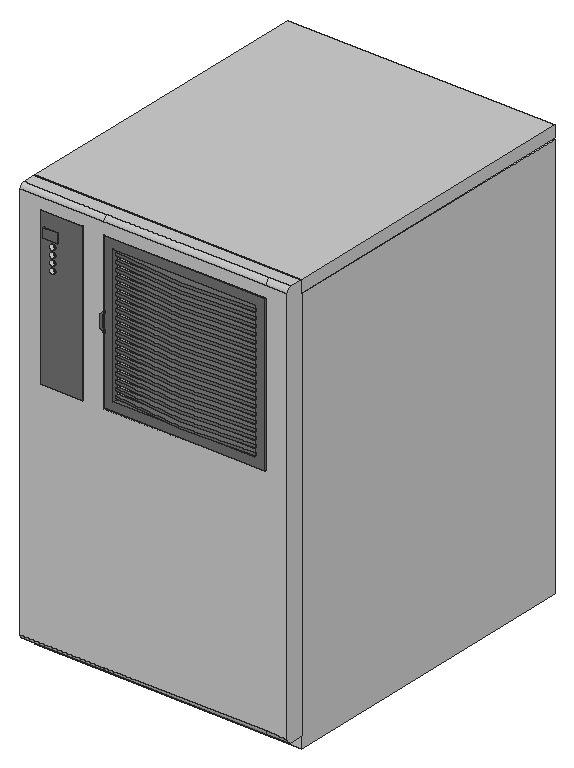
Revit family "QF_HOSHIZAKI_IM-240AWNE", category Specialty Equipment, Revit 2016
Family settings
  Part Type = Normal
  Round Connector Dimension = Use Diameter
  OmniClass Number = 23.40.40.14
  OmniClass Title = Food Service Equipment
  Work Plane-Based = No
  Always vertical = Yes
  Cut with Voids When Loaded = No
  Shared = No
  Room Calculation Point = No
Parameters (values of type "IM-240AWNE_240V/1Ph/60Hz")
  Weight = 80.00 kg
  Waste Remarks [instance] = ""
  Volts = 240 V
  URL Cutsheet = ""
  URL = "www.hoshizaki-europe.com"
  Status [instance] = ""
  Specification by User [instance] = ""
  Specification by Manufacturer [instance] = ""
  Serial Number = ""
  Seismic Rating = ""
  SMACNA No = ""
  Revision Code [instance] = ""
  Phase = 1
  Number of Poles = 2
  NAFEM Spec ID Number = ""
  Model = "IM-240AWNE"
  Min Ckt Ampacity = 0 A
  Max Overcurrent Protection = 0 A
  Masterspec = ""
  Manufacturer = "HOSHIZAKI"
  Length Actual = 560 mm
  Item Number [instance] = ""
  Installed By [instance] = ""
  Indirect Waste Size = 19.05 mm
  Indirect Waste Connection Type [instance] = ""
  Indirect Waste Connection Height [instance] = 40 mm
  Identify Quantity as Lot [instance] = no
  Height Actual = 880 mm
  HP power = ""
  Furnished By [instance] = ""
  Foodservice Equipment Identifier [instance] = yes
  FL Amps = 20 A
  Electric power = 1320 W
  Electric Connection Type [instance] = ""
  Elec Conn RI Height [instance] = 0 mm
  Elec Conn Connection Height [instance] = 770 mm
  Direct Waste RI Height [instance] = 0 mm
  Description = "MODULAR IM ICE MAKER, 240KG PER 24 HOURS, LARGE CUBE, WATER COOLED"
  Depth Actual = 700 mm
  Cycle = 60 Hz
  Cost = 0
  Conn Plug = ""
  Conn Conduit = no
  Cold Water Temperature Recommended = 0 °C
  Cold Water Size = 19.05 mm
  Cold Water Flow = 0.0 L/s
  Cold Water Connection Height [instance] = 415 mm
  CSI MasterFormat = ""
  Assembly Code = "E1090320"
  Apparent Power = 1320 VA
  Accessory = no
Types (2, lengths in mm): name | Volts | Cycle
  IM-240AWNE_230V/1Ph/50Hz | 230 V | 50 Hz
  IM-240AWNE_240V/1Ph/60Hz | 240 V | 60 Hz
Reference planes
  plane 1 "Center (Front/Back)": y = 0
  plane 2: z = 0
  plane 3 "Center (Left/Right)": x = 0
Forms (mm)
  Extrusion 1, solid, not visible
    sketch origin (48, -2, 414) x (1, 0, 0) y (0, 1, 0)
      loop
        line (0, 0) -> (2, 0) -> (2, 2) -> (0, 2) -> (0, 0)
    from 0 to 2
  Extrusion 2, solid, not visible
    sketch origin (71, -2, 39) x (1, 0, 0) y (0, 1, 0)
      loop
        line (0, 0) -> (2, 0) -> (2, 2) -> (0, 2) -> (0, 0)
    from 0 to 2
  Extrusion 3, solid, not visible
    sketch origin (31, -17, 769) x (1, 0, 0) y (0, 1, 0)
      loop
        line (0, 0) -> (2, 0) -> (2, 2) -> (0, 2) -> (0, 0)
    from 0 to 2
  Extrusion 4, solid, not visible
    sketch origin (48, -2, 414) x (1, 0, 0) y (0, 1, 0)
      loop
        line (0, 0) -> (2, 0) -> (2, 2) -> (0, 2) -> (0, 0)
    from 0 to 2
  Extrusion 5, solid, not visible
    sketch origin (71, -2, 39) x (1, 0, 0) y (0, 1, 0)
      loop
        line (0, 0) -> (2, 0) -> (2, 2) -> (0, 2) -> (0, 0)
    from 0 to 2
  Extrusion 6, solid, not visible
    sketch origin (31, -17, 769) x (1, 0, 0) y (0, 1, 0)
      loop
        line (0, 0) -> (2, 0) -> (2, 2) -> (0, 2) -> (0, 0)
    from 0 to 2
  Extrusion 7, solid, not visible
    sketch origin (48, -2, 414) x (1, 0, 0) y (0, 1, 0)
      loop
        line (0, 0) -> (2, 0) -> (2, 2) -> (0, 2) -> (0, 0)
    from 0 to 2
  Extrusion 8, solid, not visible
    sketch origin (71, -2, 39) x (1, 0, 0) y (0, 1, 0)
      loop
        line (0, 0) -> (2, 0) -> (2, 2) -> (0, 2) -> (0, 0)
    from 0 to 2
  Extrusion 9, solid, not visible
    sketch origin (31, -17, 769) x (1, 0, 0) y (0, 1, 0)
      loop
        line (0, 0) -> (2, 0) -> (2, 2) -> (0, 2) -> (0, 0)
    from 0 to 2
  Extrusion 10, solid, not visible
    sketch origin (48, -2, 414) x (1, 0, 0) y (0, 1, 0)
      loop
        line (0, 0) -> (2, 0) -> (2, 2) -> (0, 2) -> (0, 0)
    from 0 to 2
  Extrusion 11, solid, not visible
    sketch origin (71, -2, 39) x (1, 0, 0) y (0, 1, 0)
      loop
        line (0, 0) -> (2, 0) -> (2, 2) -> (0, 2) -> (0, 0)
    from 0 to 2
  Extrusion 12, solid, not visible
    sketch origin (31, -17, 769) x (1, 0, 0) y (0, 1, 0)
      loop
        line (0, 0) -> (2, 0) -> (2, 2) -> (0, 2) -> (0, 0)
    from 0 to 2
Dimensions and locks
  aligned and locked: level to plane 2
Nested families
  nested 1: "QF_HOSHIZAKI_IM-240AWNE_230V_1Ph_50Hz" at (0, 0, 0), type "IM-240AWNE_230V/1Ph/50Hz"
    with Waste Water Discharge Temperature 0 °C, Status "", Specification by User "", Show Clearance yes, Revision Code "", Plumbing Remarks "", Plumbing Connection Type "", Number of Poles 1, Item Number "", Installed By "", Indirect Waste Connection Type "", Indirect Waste Connection Height 40 mm, Identify Quantity as Lot no, Furnished By "", Foodservice Equipment Identifier yes, Electrical Remarks "", Electric Connection Type "", Elec Conn RI Height 0 mm, Elec Conn Connection Height 770 mm, Conn Conduit no, Cold Water RI Height 415 mm, Cold Water Flow 0.0 L/s, Cold Water Consumption "", Cold Water Connection Height 415 mm
Connectors
  piping at (49, 0, 415), diameter 19.05, driven by "Cold Water Size", driven by "Cold Water Flow"
    settings: on Extrusion 1, index 1, connector inside diameter 609.6 mm, connector length 0 mm, flow factor 0, pipe flow 0.0 L/s, pressure drop 0.0 Pa, fitting loss kfactor 0, connector angle 0.00°, fixture units 0, engagement length 0 mm, angle of deflection 0.00°, flow configuration 1, flow direction 1, fitting loss method 0, system type 20, joint type 0, gender type 0, connector reference index -1, connector utility 0, adjustable connector no, is connector primary yes, connector description "Cold Water connection for 'IM-240AWNE'"
  piping at (72, 0, 40), diameter 19.05, driven by "Indirect Waste Size"
    settings: on Extrusion 2, index 2, connector inside diameter 609.6 mm, connector length 0 mm, flow factor 0, pipe flow 0.0 L/s, pressure drop 0.0 Pa, fitting loss kfactor 0, connector angle 0.00°, fixture units 0, engagement length 0 mm, angle of deflection 0.00°, flow configuration 1, flow direction 2, fitting loss method 0, system type 16, joint type 0, gender type 0, connector reference index -1, connector utility 0, adjustable connector no, is connector primary no, connector description "Drain connection for 'IM-240AWNE'"
  electrical at (32, -15, 770), driven by "Apparent Power", driven by "Number of Poles", driven by "Volts"
    settings: on Extrusion 3, index 3, voltage 240 V, apparent load 0 VA, apparent load phase1 1320 VA, apparent load phase2 0 VA, apparent load phase3 0 VA, power factor 1, load classification "Other", number of poles 2, system type 31, power factor state 1, is connector primary yes, connector utility no, sub classification motor no, connector description "Electric connection for 'IM-240AWNE'"
  piping at (49, 0, 415), diameter 19.05, driven by "Cold Water Size", driven by "Cold Water Flow"
    settings: on Extrusion 4, index 4, connector inside diameter 609.6 mm, connector length 0 mm, flow factor 0, pipe flow 0.0 L/s, pressure drop 0.0 Pa, fitting loss kfactor 0, connector angle 0.00°, fixture units 0, engagement length 0 mm, angle of deflection 0.00°, flow configuration 1, flow direction 1, fitting loss method 0, system type 20, joint type 0, gender type 0, connector reference index -1, connector utility 0, adjustable connector no, is connector primary no, connector description "Cold Water connection for 'IM-240AWNE'"
  piping at (72, 0, 40), diameter 19.05, driven by "Indirect Waste Size"
    settings: on Extrusion 5, index 5, connector inside diameter 609.6 mm, connector length 0 mm, flow factor 0, pipe flow 0.0 L/s, pressure drop 0.0 Pa, fitting loss kfactor 0, connector angle 0.00°, fixture units 0, engagement length 0 mm, angle of deflection 0.00°, flow configuration 1, flow direction 2, fitting loss method 0, system type 16, joint type 0, gender type 0, connector reference index -1, connector utility 0, adjustable connector no, is connector primary no, connector description "Drain connection for 'IM-240AWNE'"
  electrical at (32, -15, 770), driven by "Apparent Power", driven by "Number of Poles", driven by "Volts"
    settings: on Extrusion 6, index 6, voltage 240 V, apparent load 0 VA, apparent load phase1 1320 VA, apparent load phase2 0 VA, apparent load phase3 0 VA, power factor 1, load classification "Other", number of poles 2, system type 31, power factor state 1, is connector primary no, connector utility no, sub classification motor no, connector description "Electric connection for 'IM-240AWNE'"
  piping at (49, 0, 415), diameter 19.05, driven by "Cold Water Size", driven by "Cold Water Flow"
    settings: on Extrusion 7, index 7, connector inside diameter 609.6 mm, connector length 0 mm, flow factor 0, pipe flow 0.0 L/s, pressure drop 0.0 Pa, fitting loss kfactor 0, connector angle 0.00°, fixture units 0, engagement length 0 mm, angle of deflection 0.00°, flow configuration 1, flow direction 1, fitting loss method 0, system type 20, joint type 0, gender type 0, connector reference index -1, connector utility 0, adjustable connector no, is connector primary no, connector description "Cold Water connection for 'IM-240AWNE'"
  piping at (72, 0, 40), diameter 19.05, driven by "Indirect Waste Size"
    settings: on Extrusion 8, index 8, connector inside diameter 609.6 mm, connector length 0 mm, flow factor 0, pipe flow 0.0 L/s, pressure drop 0.0 Pa, fitting loss kfactor 0, connector angle 0.00°, fixture units 0, engagement length 0 mm, angle of deflection 0.00°, flow configuration 1, flow direction 2, fitting loss method 0, system type 16, joint type 0, gender type 0, connector reference index -1, connector utility 0, adjustable connector no, is connector primary no, connector description "Drain connection for 'IM-240AWNE'"
  electrical at (32, -15, 770), driven by "Apparent Power", driven by "Number of Poles", driven by "Volts"
    settings: on Extrusion 9, index 9, voltage 240 V, apparent load 0 VA, apparent load phase1 1320 VA, apparent load phase2 0 VA, apparent load phase3 0 VA, power factor 1, load classification "Other", number of poles 2, system type 31, power factor state 1, is connector primary no, connector utility no, sub classification motor no, connector description "Electric connection for 'IM-240AWNE'"
  piping at (49, 0, 415), diameter 19.05, driven by "Cold Water Size", driven by "Cold Water Flow"
    settings: on Extrusion 10, index 10, connector inside diameter 609.6 mm, connector length 0 mm, flow factor 0, pipe flow 0.0 L/s, pressure drop 0.0 Pa, fitting loss kfactor 0, connector angle 0.00°, fixture units 0, engagement length 0 mm, angle of deflection 0.00°, flow configuration 1, flow direction 1, fitting loss method 0, system type 20, joint type 0, gender type 0, connector reference index -1, connector utility 0, adjustable connector no, is connector primary no, connector description "Cold Water connection for 'IM-240AWNE'"
  piping at (72, 0, 40), diameter 19.05, driven by "Indirect Waste Size"
    settings: on Extrusion 11, index 11, connector inside diameter 609.6 mm, connector length 0 mm, flow factor 0, pipe flow 0.0 L/s, pressure drop 0.0 Pa, fitting loss kfactor 0, connector angle 0.00°, fixture units 0, engagement length 0 mm, angle of deflection 0.00°, flow configuration 1, flow direction 2, fitting loss method 0, system type 16, joint type 0, gender type 0, connector reference index -1, connector utility 0, adjustable connector no, is connector primary no, connector description "Drain connection for 'IM-240AWNE'"
  electrical at (32, -15, 770), driven by "Apparent Power", driven by "Number of Poles", driven by "Volts"
    settings: on Extrusion 12, index 12, voltage 240 V, apparent load 0 VA, apparent load phase1 1320 VA, apparent load phase2 0 VA, apparent load phase3 0 VA, power factor 1, load classification "Other", number of poles 2, system type 31, power factor state 1, is connector primary no, connector utility no, sub classification motor no, connector description "Electric connection for 'IM-240AWNE'"
Definition of nested family "QF_HOSHIZAKI_IM-240AWNE_230V_1Ph_50Hz"
  Parameters (values of type "IM-240AWNE_230V/1Ph/50Hz")
    Weight in Pounds = 176.3696
    Electric power = 1320 W
    Waste Water Discharge Temperature [instance] = 0 °C
    Volts = 230 V
    URL Cutsheet = "www.hoshizaki-europe.com"
    URL = "www.hoshizaki-europe.com"
    Status [instance] = ""
    Specification by User [instance] = ""
    Specification by Manufacturer = ""
    Show Clearance [instance] = yes
    Serial Number = ""
    Seismic Rating = ""
    SMACNA No = ""
    Revision Code [instance] = ""
    Plumbing Remarks [instance] = ""
    Plumbing Connection Type [instance] = ""
    Phase = 1
    Number of Poles [instance] = 1
    NAFEM Spec ID Number = ""
    Model = "IM-240AWNE"
    Min Ckt Ampacity = 0 A
    Max Overcurrent Protection = 0 A
    Masterspec = ""
    Manufacturer = "HOSHIZAKI"
    Item Number [instance] = ""
    Installed By [instance] = ""
    Indirect Waste Size = 19.05 mm
    Indirect Waste Flow = 0.0 L/s
    Indirect Waste Connection Type [instance] = ""
    Indirect Waste Connection Height [instance] = 40 mm
    Identify Quantity as Lot [instance] = no
    HP power = "1.770146400000"
    Furnished By [instance] = ""
    Foodservice Equipment Identifier [instance] = yes
    FL Amps = 20 A
    Electrical Remarks [instance] = ""
    Electric Connection Type [instance] = ""
    Elec Conn RI Height [instance] = 0 mm
    Elec Conn Connection Height [instance] = 770 mm
    Description = "MODULAR IM ICE MAKER, 240KG PER 24 HOURS, LARGE CUBE, WATER COOLED"
    Cycle = 50 Hz
    Conn Plug = ""
    Conn Conduit [instance] = no
    Cold Water Temperature Recommended = 35 °C
    Cold Water Size = 19.05 mm
    Cold Water RI Height [instance] = 415 mm
    Cold Water Minimum Pressure = 70000.0 Pa
    Cold Water Maximum Pressure = 780000.0 Pa
    Cold Water Flow [instance] = 0.0 L/s
    Cold Water Consumption [instance] = ""
    Cold Water Connection Height [instance] = 415 mm
    CSI MasterFormat = ""
    Assembly Code = "E1090320"
    Apparent Power = 1320 VA
  Types (12, lengths in mm): name | Weight in Pounds | Electric power | Phase | Model | Indirect Waste Size | Indirect Waste Connection Height | Identify Quantity as Lot | HP power | Elec Conn Connection Height | Description | Conn Conduit | Cold Water Size | Cold Water RI Height | Cold Water Connection Height | Apparent Power
    (no name) | 0 | 0 W | 0 | "" | 0 | 0 | yes | "" | 0 | "" | yes | 0 | 0 | 0 | 0 VA
    IM-130ANE-HC | 149.9142 | 630 W | 1 | "IM-130ANE-HC" | 19.05 | 40 | no | "0.844842600000" | 770 | "EMERALD CLASS IM HYDROCARBON ICE MAKER, 125KG PER 24 HOURS, LARGE CUBE, MODULAR" | no | 12.7 | 415 | 415 | 630 VA
    IM-130ANE-HC-23 | 149.9142 | 630 W | 1 | "IM-130ANE-HC-23" | 19.05 | 40 | no | "0.844842600000" | 770 | "EMERALD CLASS IM HYDROCARBON ICE MAKER, 125KG PER 24 HOURS, MEDIUM CUBE, MODULAR" | no | 12.7 | 415 | 415 | 630 VA
    IM-240ANE-HC | 171.9604 | 930 W | 1 | "IM-240ANE-HC" | 19.05 | 40 | no | "1.247148600000" | 770 | "EMERALD CLASS IM HYDROCARBON ICE MAKER, 235KG PER 24 HOURS, LARGE CUBE, MODULAR" | no | 19.05 | 415 | 415 | 930 VA
    IM-240ANE-HC-21 | 171.9604 | 930 W | 1 | "IM-240ANE-HC-21" | 19.05 | 40 | no | "1.247148600000" | 770 | "EMERALD CLASS IM HYDROCARBON ICE MAKER, 235KG PER 24 HOURS, EXTRA SMALL CUBE, MODULAR" | no | 19.05 | 415 | 415 | 930 VA
    IM-240ANE-HC-23 | 171.9604 | 930 W | 1 | "IM-240ANE-HC-23" | 19.05 | 40 | no | "1.247148600000" | 770 | "EMERALD CLASS IM HYDROCARBON ICE MAKER, 235KG PER 24 HOURS, MEDIUM CUBE, MODULAR" | no | 19.05 | 415 | 415 | 930 VA
    IM-240ANE-HC-32 | 171.9604 | 930 W | 1 | "IM-240ANE-HC-32" | 19.05 | 40 | no | "1.247148600000" | 770 | "EMERALD CLASS IM HYDROCARBON ICE MAKER, 235KG PER 24 HOURS, EXTRA LARGE CUBE, MODULAR" | no | 19.05 | 415 | 415 | 930 VA
    IM-240ANE | 176.3696 | 1320 W | 1 | "IM-240ANE" | 19.05 | 40 | no | "1.770146400000" | 770 | "MODULAR IM ICE MAKER, 240KG PER 24 HOURS, LARGE CUBE" | no | 19.05 | 415 | 415 | 1320 VA
    IM-240ANE-21 | 176.3696 | 1320 W | 1 | "IM-240ANE-21" | 19.05 | 40 | no | "1.770146400000" | 770 | "MODULAR IM ICE MAKER, 240KG PER 24 HOURS, EXTRA SMALL CUBE" | no | 19.05 | 415 | 415 | 1320 VA
    IM-240ANE-23 | 176.3696 | 1320 W | 1 | "IM-240ANE-23" | 19.05 | 40 | no | "1.770146400000" | 770 | "MODULAR IM ICE MAKER, 240KG PER 24 HOURS, MEDIUM CUBE" | no | 19.05 | 415 | 415 | 1320 VA
    IM-240AWNE_230V/1Ph/50Hz | 176.3696 | 1320 W | 1 | "IM-240AWNE" | 19.05 | 40 | no | "1.770146400000" | 770 | "MODULAR IM ICE MAKER, 240KG PER 24 HOURS, LARGE CUBE, WATER COOLED" | no | 19.05 | 415 | 415 | 1320 VA
    IM-240AWNE-23 | 176.3696 | 1320 W | 1 | "IM-240AWNE-23" | 19.05 | 40 | no | "1.770146400000" | 770 | "MODULAR IM ICE MAKER, 240KG PER 24 HOURS, MEDIUM CUBE, WATER COOLED" | no | 19.05 | 415 | 415 | 1320 VA
  Values of the unnamed type that differ from the named types
    Waste Water Discharge Temperature = -273.15 °C
    Volts = 0 V
    URL Cutsheet = ""
    URL = ""
    Manufacturer = ""
    FL Amps = 0 A
    Cycle = 0 Hz
    Cold Water Temperature Recommended = -273.15 °C
    Cold Water Minimum Pressure = 0.0 Pa
    Cold Water Maximum Pressure = 0.0 Pa
  Reference planes
    plane 1 "Back": y = 0
    plane 2: z = 0
    plane 3 "Left": x = 0
    plane 4 "Right": x = 560
    plane 5 "Front": y = -700
    plane 6 "Top": z = 880
  Forms (mm)
    Extrusion 1, solid
      sketch origin (0, 0, 40) x (0, 1, 0) y (0, 0, 1)
        loop
          line (0, -40) -> (0, 813) -> (-663, 813) -> (-663, -40) -> (0, -40)
      from 0 to 560
    Extrusion 2, solid
      sketch origin (-357.75, -249, 573) x (0, 1, 0) y (0, 0, 1)
        loop
          line (-414, -550) -> (-414, 307) -> (-441, 307)
          arc (-441, 307) -> (-448.071, 304.071) -> (-451, 297) r 10
          line (-451, 297) -> (-451, -540)
          arc (-451, -540) -> (-448.071, -547.071) -> (-441, -550) r 10
          line (-441, -550) -> (-414, -550)
      from 533.75 to 357.75
    Extrusion 3, solid
      sketch origin (0, 0, 185) x (0, 1, 0) y (0, 0, 1)
        loop
          line (-663, 695) -> (-663, 670) -> (0, 670) -> (0, 695) -> (-663, 695)
      from 560 to 0
    Extrusion 4, solid
      sketch origin (-59.168, -700, 607.328) x (1, 0, 0) y (0, 0, 1)
        loop
          line (103.168, 239.672) -> (103.168, -87.328) -> (191.168, -87.328) -> (191.168, 239.672) -> (103.168, 239.672)
      from 0 to 2
    Extrusion 5, solid
      sketch origin (-184.608, -702, 607.328) x (1, 0, 0) y (0, 0, 1)
        loop
          line (235.856, 210.572) -> (235.856, 190.572) -> (265.856, 190.572) -> (265.856, 210.572) -> (235.856, 210.572)
      from 0 to 2
    Extrusion 6, solid
      sketch origin (-177.859, -702, 607.328) x (1, 0, 0) y (0, 0, 1)
        loop
          circle (248.239, 179.635) r 5
        loop
          circle (248.239, 164.635) r 5
        loop
          circle (248.239, 149.635) r 5
        loop
          circle (248.239, 134.635) r 5
      from 0 to 2
    Extrusion 7, solid
      sketch origin (205.924, 29, 647) x (0, 1, 0) y (0, 0, 1)
        loop
          line (-29, 123) -> (16, 123) -> (16, 164.349) -> (0, 192.062) -> (0, 206) -> (-29, 206) -> (-29, 123)
      from -147.876 to -200
    Extrusion 8, solid
      sketch origin (72, 33, 40) x (1, 0, 0) y (0, 0, 1)
        loop
          circle (0, 0) r 14
        loop
          circle (0, 0) r 12
      from 0 to 33
    Extrusion 9, solid
      sketch origin (49, 33, 415) x (1, 0, 0) y (0, 0, 1)
        loop
          circle (0, 0) r 14
        loop
          circle (0, 0) r 12
      from 4 to 33
    Extrusion 10, solid
      sketch origin (516, -249, 573) x (0, 1, 0) y (0, 0, 1)
        loop
          line (-414, -550) -> (-414, 307) -> (-441, 307)
          arc (-441, 307) -> (-448.071, 304.071) -> (-451, 297) r 10
          line (-451, 297) -> (-451, -540)
          arc (-451, -540) -> (-448.071, -547.071) -> (-441, -550) r 10
          line (-441, -550) -> (-414, -550)
      from 0 to 44
    Extrusion 11, solid
      sketch origin (176, -249, 573) x (0, 1, 0) y (0, 0, 1)
        loop
          line (-414, -550) -> (-414, -53) -> (-451, -53) -> (-451, -540)
          arc (-451, -540) -> (-448.071, -547.071) -> (-441, -550) r 10
          line (-441, -550) -> (-414, -550)
        loop
          line (-451, 297) -> (-451, 274) -> (-414, 274) -> (-414, 307) -> (-441, 307)
          arc (-441, 307) -> (-448.071, 304.071) -> (-451, 297) r 10
      from 0 to 340
    Extrusion 12, solid
      sketch origin (60.75, -852, 508) x (1, 0, 0) y (0, 0, 1)
        loop
          line (117.25, 337) -> (117.25, 14) -> (453.25, 14) -> (453.25, 337) -> (117.25, 337)
        loop
          line (135.25, 319) -> (135.25, 32) -> (435.25, 32) -> (435.25, 319) -> (135.25, 319)
      from -150 to -160
    Extrusion 13, solid
      sketch origin (60.75, -249, 650) x (1, 0, 0) y (0, 1, 0)
        loop
          line (135.25, -443) -> (135.25, -448.703)
          arc (135.25, -448.703) -> (285.097, -461.54) -> (435.25, -453) r 1057.927
          line (435.25, -453) -> (435.25, -443) -> (135.25, -443)
      from 0 to 5
    Extrusion 14, solid
      sketch origin (60.75, -249, 665) x (1, 0, 0) y (0, 1, 0)
        loop
          line (135.25, -443) -> (135.25, -448.703)
          arc (135.25, -448.703) -> (285.097, -461.54) -> (435.25, -453) r 1057.927
          line (435.25, -453) -> (435.25, -443) -> (135.25, -443)
      from 0 to 5
    Extrusion 15, solid
      sketch origin (60.75, -249, 680) x (1, 0, 0) y (0, 1, 0)
        loop
          line (135.25, -443) -> (135.25, -448.703)
          arc (135.25, -448.703) -> (285.097, -461.54) -> (435.25, -453) r 1057.927
          line (435.25, -453) -> (435.25, -443) -> (135.25, -443)
      from 0 to 5
    Extrusion 16, solid
      sketch origin (60.75, -249, 695) x (1, 0, 0) y (0, 1, 0)
        loop
          line (135.25, -443) -> (135.25, -448.703)
          arc (135.25, -448.703) -> (285.097, -461.54) -> (435.25, -453) r 1057.927
          line (435.25, -453) -> (435.25, -443) -> (135.25, -443)
      from 0 to 5
    Extrusion 17, solid
      sketch origin (60.75, -249, 710) x (1, 0, 0) y (0, 1, 0)
        loop
          line (135.25, -443) -> (135.25, -448.703)
          arc (135.25, -448.703) -> (285.097, -461.54) -> (435.25, -453) r 1057.927
          line (435.25, -453) -> (435.25, -443) -> (135.25, -443)
      from 0 to 5
    Extrusion 18, solid
      sketch origin (60.75, -249, 725) x (1, 0, 0) y (0, 1, 0)
        loop
          line (135.25, -443) -> (135.25, -448.703)
          arc (135.25, -448.703) -> (285.097, -461.54) -> (435.25, -453) r 1057.927
          line (435.25, -453) -> (435.25, -443) -> (135.25, -443)
      from 0 to 5
    Extrusion 19, solid
      sketch origin (60.75, -249, 740) x (1, 0, 0) y (0, 1, 0)
        loop
          line (135.25, -443) -> (135.25, -448.703)
          arc (135.25, -448.703) -> (285.097, -461.54) -> (435.25, -453) r 1057.927
          line (435.25, -453) -> (435.25, -443) -> (135.25, -443)
      from 0 to 5
    Extrusion 20, solid
      sketch origin (60.75, -249, 755) x (1, 0, 0) y (0, 1, 0)
        loop
          line (135.25, -443) -> (135.25, -448.703)
          arc (135.25, -448.703) -> (285.097, -461.54) -> (435.25, -453) r 1057.927
          line (435.25, -453) -> (435.25, -443) -> (135.25, -443)
      from 0 to 5
    Extrusion 21, solid
      sketch origin (60.75, -249, 770) x (1, 0, 0) y (0, 1, 0)
        loop
          line (135.25, -443) -> (135.25, -448.703)
          arc (135.25, -448.703) -> (285.097, -461.54) -> (435.25, -453) r 1057.927
          line (435.25, -453) -> (435.25, -443) -> (135.25, -443)
      from 0 to 5
    Extrusion 22, solid
      sketch origin (60.75, -249, 785) x (1, 0, 0) y (0, 1, 0)
        loop
          line (135.25, -443) -> (135.25, -448.703)
          arc (135.25, -448.703) -> (285.097, -461.54) -> (435.25, -453) r 1057.927
          line (435.25, -453) -> (435.25, -443) -> (135.25, -443)
      from 0 to 5
    Extrusion 23, solid
      sketch origin (60.75, -249, 800) x (1, 0, 0) y (0, 1, 0)
        loop
          line (135.25, -443) -> (135.25, -448.703)
          arc (135.25, -448.703) -> (285.097, -461.54) -> (435.25, -453) r 1057.927
          line (435.25, -453) -> (435.25, -443) -> (135.25, -443)
      from 0 to 5
    Extrusion 24, solid
      sketch origin (60.75, -249, 815) x (1, 0, 0) y (0, 1, 0)
        loop
          line (135.25, -443) -> (135.25, -448.703)
          arc (135.25, -448.703) -> (285.097, -461.54) -> (435.25, -453) r 1057.927
          line (435.25, -453) -> (435.25, -443) -> (135.25, -443)
      from 0 to 5
    Extrusion 25, solid
      sketch origin (30.75, -900, 451.571) x (1, 0, 0) y (0, 0, 1)
        loop
          line (147.25, 254) -> (138.179, 244.929) -> (138.179, 218.929) -> (147.25, 209.858) -> (147.25, 216.929) -> (143.179, 221) -> (143.179, 242.858) -> (147.25, 246.929) -> (147.25, 254)
      from -198 to -200
    Extrusion 26, solid
      sketch origin (60.75, -249, 590) x (1, 0, 0) y (0, 1, 0)
        loop
          line (135.25, -443) -> (135.25, -448.703)
          arc (135.25, -448.703) -> (285.097, -461.54) -> (435.25, -453) r 1057.927
          line (435.25, -453) -> (435.25, -443) -> (135.25, -443)
      from 0 to 5
    Extrusion 27, solid
      sketch origin (60.75, -249, 605) x (1, 0, 0) y (0, 1, 0)
        loop
          line (135.25, -443) -> (135.25, -448.703)
          arc (135.25, -448.703) -> (285.097, -461.54) -> (435.25, -453) r 1057.927
          line (435.25, -453) -> (435.25, -443) -> (135.25, -443)
      from 0 to 5
    Extrusion 28, solid
      sketch origin (60.75, -249, 620) x (1, 0, 0) y (0, 1, 0)
        loop
          line (135.25, -443) -> (135.25, -448.703)
          arc (135.25, -448.703) -> (285.097, -461.54) -> (435.25, -453) r 1057.927
          line (435.25, -453) -> (435.25, -443) -> (135.25, -443)
      from 0 to 5
    Extrusion 29, solid
      sketch origin (60.75, -249, 635) x (1, 0, 0) y (0, 1, 0)
        loop
          line (135.25, -443) -> (135.25, -448.703)
          arc (135.25, -448.703) -> (285.097, -461.54) -> (435.25, -453) r 1057.927
          line (435.25, -453) -> (435.25, -443) -> (135.25, -443)
      from 0 to 5
    Extrusion 30, solid
      sketch origin (60.75, -249, 545) x (1, 0, 0) y (0, 1, 0)
        loop
          line (135.25, -443) -> (135.25, -448.703)
          arc (135.25, -448.703) -> (285.097, -461.54) -> (435.25, -453) r 1057.927
          line (435.25, -453) -> (435.25, -443) -> (135.25, -443)
      from 0 to 5
    Extrusion 31, solid
      sketch origin (60.75, -249, 560) x (1, 0, 0) y (0, 1, 0)
        loop
          line (135.25, -443) -> (135.25, -448.703)
          arc (135.25, -448.703) -> (285.097, -461.54) -> (435.25, -453) r 1057.927
          line (435.25, -453) -> (435.25, -443) -> (135.25, -443)
      from 0 to 5
    Extrusion 32, solid
      sketch origin (60.75, -249, 575) x (1, 0, 0) y (0, 1, 0)
        loop
          line (135.25, -443) -> (135.25, -448.703)
          arc (135.25, -448.703) -> (285.097, -461.54) -> (435.25, -453) r 1057.927
          line (435.25, -453) -> (435.25, -443) -> (135.25, -443)
      from 0 to 5
  Cuts and joins
    joined: Extrusion 2, Extrusion 10, Extrusion 11
  Lines and regions (mm)
    symbolic lines
      curve 1: line (0, 0, 0) -> (560, 0, 0)
      curve 2: line (0, -700, 0) -> (0, 0, 0)
      curve 3: line (560, -700, 0) -> (0, -700, 0)
      curve 4: line (560, 0, 0) -> (560, -700, 0)
      curve 5: line (5.924, 0, 0) -> (5.924, 45, 0)
      curve 6: line (58.048, 45, 0) -> (58.048, 0, 0)
      curve 7: line (0, -663, 0) -> (560, -663, 0)
      curve 8: line (5.924, 45, 0) -> (58.048, 45, 0)
      curve 9: line (58.048, 33, 0) -> (86, 33, 0)
      curve 10: line (86, 33, 0) -> (86, 0, 0)
  Dimensions and locks
    aligned and locked: level to plane 2
    aligned and locked: Extrusion 4 sketch curve to Extrusion 4 sketch curve
  Connectors
    piping at (72, 33, 40), diameter 19.05, driven by "Indirect Waste Size", driven by "Indirect Waste Flow"
      settings: on Extrusion 8, index 1, connector inside diameter 609.6 mm, connector length 0 mm, flow factor 0, pipe flow 0.0 L/s, pressure drop 0.0 Pa, fitting loss kfactor 0, connector angle 0.00°, fixture units 0, engagement length 0 mm, angle of deflection 0.00°, flow configuration 1, flow direction 2, fitting loss method 0, system type 16, joint type 0, gender type 0, connector reference index -1, connector utility 0, adjustable connector no, is connector primary yes, connector description "Indirect Waste Connection"
    electrical at (31.986, 22.5, 770), driven by "Apparent Power", driven by "Volts", driven by "Number of Poles"
      settings: on Extrusion 7, index 2, voltage 230 V, apparent load 0 VA, apparent load phase1 1320 VA, apparent load phase2 0 VA, apparent load phase3 0 VA, power factor 1, load classification none, number of poles 1, system type 31, power factor state 1, is connector primary yes, connector utility no, sub classification motor no, connector description "Electrical connection"
    piping at (49, 29, 415), diameter 19.05, driven by "Cold Water Size", driven by "Cold Water Flow"
      settings: on Extrusion 9, index 3, connector inside diameter 609.6 mm, connector length 0 mm, flow factor 0, pipe flow 0.0 L/s, pressure drop 0.0 Pa, fitting loss kfactor 0, connector angle 0.00°, fixture units 0, engagement length 0 mm, angle of deflection 0.00°, flow configuration 1, flow direction 1, fitting loss method 0, system type 20, joint type 0, gender type 0, connector reference index -1, connector utility 0, adjustable connector no, is connector primary no, connector description "Cold Water onnection"
